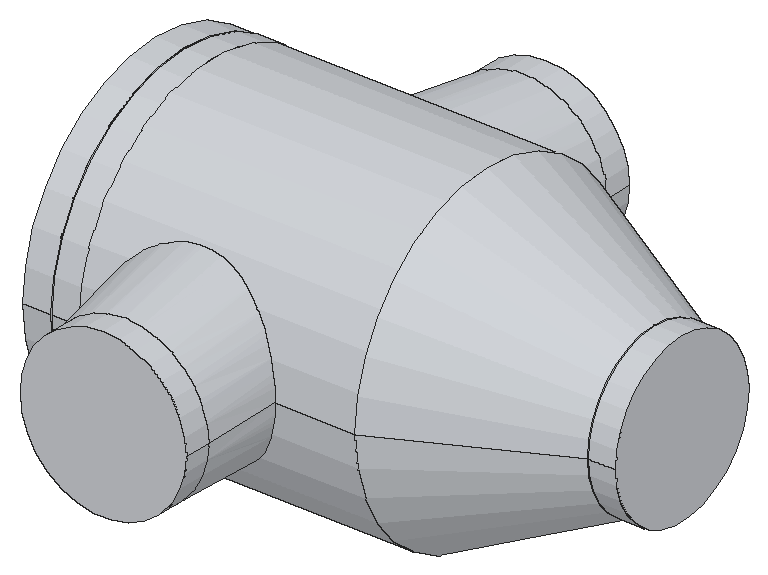
Revit family "M_Cruzamento de baixa perda da transição redonda - 180 Graus - DTL", category Conexões de duto, Revit 2019
Family settings
  Cota do conector redondo = Usar raio
  Tipo de parte = Cruzeta
  Número OmniClass = 23.75.70.14
  Título OmniClass = Air Ductwork
  ID de item do Seek = Round Transition Low Loss Cross - 180 Degree - DTL-0000-CAN-ENU
  Com base no plano de trabalho = Não
  Sempre na vertical = Sim
  Corte com vazios quando carregada = Não
  Compartilhado = Não
Parameters (values of type "Padrão")
  Comprimento 2 [instance] = if(Torneira 2 Ângulo 1 < 90.00°, Torneira 2 Raio central da base / tan(Torneira 2 Ângulo 1), if(Torneira 2 Ângulo 1 = 90.00°, 0 mm, (Torneira 2 Diâmetro da base - (Torneira 2 Comprimento da inserção 2 * sin(180.00° - Torneira 2 Ângulo 1) + Torneira 2 Raio)) / tan(180.00° - Torneira 2 Ângulo 1)))  # 0 mm
  Comprimento 1 [instance] = if(Torneira 1 Ângulo 1 < 90.00°, Raio central da base da torneira 1 / tan(Torneira 1 Ângulo 1), if(Torneira 1 Ângulo 1 = 90.00°, 0 mm, (Diâmetro da base da torneira 1 - (Torneira 1 Comprimento da inserção 2 * sin(180.00° - Torneira 1 Ângulo 1) + Torneira 1 Raio)) / tan(180.00° - Torneira 1 Ângulo 1)))  # 0 mm
  Ângulo 2 [instance] = atan((Torneira 2 Diâmetro central da base - Torneira 2 Diâmetro da base 1) / (Torneira 2 Comprimento 1 - Torneira 2 Comprimento))  # 11.3099°
  Ângulo 1 [instance] = atan((Diâmetro central da base da torneira 1 - Diâmetro da base 1 da torneira 1) / (Torneira 1 Comprimento 1 - Torneira 1 Comprimento))  # 11.3099°
  Legenda do ponto de inserção [instance] = if(Torneira 1 Comprimento da inserção 1 > Torneira 2 Comprimento da inserção 1, (Torneira 1 Comprimento da inserção 1 - Torneira 2 Comprimento da inserção 1) / 2 + Torneira 2 Comprimento da inserção 1, (Torneira 2 Comprimento da inserção 1 - Torneira 1 Comprimento da inserção 1) / 2 + Torneira 1 Comprimento da inserção 1)  # 3353 mm
  Torneira 2 Comprimento da inserção 1 [instance] = Legenda da inserção da torneira 2 + Torneira 2 Comprimento da inserção 2 + Torneira 2 Comprimento 3 - 3048 mm + 3048 mm  # 3353 mm
  Torneira 1 Comprimento da inserção 1 [instance] = Legenda da inserção da torneira 1 + Torneira 1 Comprimento da inserção 2 + Torneira 1 Comprimento 3 - 3048 mm + 3048 mm  # 3353 mm
  Torneira 2 Comprimento [instance] = 150 mm
  Legenda da inserção da torneira 2 [instance] = 3048 mm + if(Torneira 2 Ângulo 1 < 90.00°, Inserção 1 da torneira 2, if(Torneira 2 Ângulo 1 = 90.00°, Inserção 2 da torneira 2, Inserção 3 da torneira 2))  # 3183 mm
  Legenda da inserção da torneira 1 [instance] = 3048 mm + if(Torneira 1 Ângulo 1 < 90.00°, Inserção 1 da torneira 1, if(Torneira 1 Ângulo 1 = 90.00°, Inserção 2 da torneira 1, Inserção 3 da torneira 1))  # 3183 mm
  Inserção 3 da torneira 2 [instance] = if(Torneira 2 Ângulo 1 > 90.00°, (Torneira 2 Diâmetro da base 1 - Torneira 2 Raio central da base) / sin(180.00° - Torneira 2 Ângulo 1) + Raio do corpo 1 / tan(180.00° - Torneira 2 Ângulo 1), 0 mm)  # 0 mm
  Inserção 2 da torneira 2 [instance] = if(Torneira 2 Ângulo 1 = 90.00°, Torneira 2 Diâmetro da base 1 - Torneira 2 Raio central da base, 0 mm)  # 135 mm
  Inserção 1 da torneira 2 [instance] = if(Torneira 2 Ângulo 1 < 90.00°, Torneira 2 Diâmetro central da base / 2 * sin(Torneira 2 Ângulo 1) + Torneira 2 Diâmetro central da base / 2 * cos(Torneira 2 Ângulo 1) / tan(Torneira 2 Ângulo 1 - Ângulo 2) - Raio do corpo 1 / tan(Torneira 2 Ângulo 1 - Ângulo 2), 0 mm)  # 0 mm
  Inserção 3 da torneira 1 [instance] = if(Torneira 1 Ângulo 1 > 90.00°, (Diâmetro da base 1 da torneira 1 - Raio central da base da torneira 1) / sin(180.00° - Torneira 1 Ângulo 1) + Raio do corpo 1 / tan(180.00° - Torneira 1 Ângulo 1), 0 mm)  # 0 mm
  Inserção 2 da torneira 1 [instance] = if(Torneira 1 Ângulo 1 = 90.00°, Diâmetro da base 1 da torneira 1 - Raio central da base da torneira 1, 0 mm)  # 135 mm
  Inserção da torneira 2 [instance] = 25 mm
  Torneira 2 Comprimento do colarinho [instance] = 50 mm
  Torneira 2 Comprimento da inserção 2 [instance] = if(Torneira 2 Ângulo 1 = 90.00°, Torneira 2 Raio central da base - Torneira 2 Raio, abs(Deslocamento de perfil horizontal da torneira 2) / sin(Torneira 2 Ângulo 1))  # 45 mm
  Deslocamento de perfil horizontal da torneira 2 [instance] = -(Torneira 2 Raio central da base - Torneira 2 Raio)  # -45 mm
  Deslocamento de perfil horizontal da torneira 1 [instance] = Raio central da base da torneira 1 - Torneira 1 Raio  # 45 mm
  Inserção 1 da torneira 1 [instance] = if(Torneira 1 Ângulo 1 < 90.00°, Diâmetro central da base da torneira 1 / 2 * sin(Torneira 1 Ângulo 1) + Diâmetro central da base da torneira 1 / 2 * cos(Torneira 1 Ângulo 1) / tan(Torneira 1 Ângulo 1 - Ângulo 1) - Raio do corpo 1 / tan(Torneira 1 Ângulo 1 - Ângulo 1), 0 mm)  # 0 mm
  Torneira 2 Raio [instance] = 150 mm
  Torneira 2 Deslocamento a partir do centro 1 [instance] = 3048 mm - Torneira 2 Deslocamento a partir do centro  # 3048 mm
  Torneira 2 Deslocamento a partir do centro [instance] = 0 mm
  Torneira 2 Comprimento 3 [instance] = Comprimento do corpo 1 + Inserção da torneira 2  # 125 mm
  Torneira 2 Comprimento 2 [instance] = Torneira 2 Comprimento 1 + Torneira 2 Comprimento do colarinho  # 500 mm
  Torneira 2 Comprimento 1 [instance] = Raio do corpo 1 / sin(Torneira 2 Ângulo 1) + Torneira 2 Comprimento + Comprimento 2  # 450 mm
  Torneira 1 Comprimento 3 [instance] = Comprimento do corpo 1 + Inserção da torneira 1  # 125 mm
  Inserção da torneira 1 [instance] = 25 mm
  Torneira 1 Comprimento 2 [instance] = Torneira 1 Comprimento 1 + Comprimento do colarinho da torneira 1  # 500 mm
  Diâmetro 3 da torneira 1 [instance] = if(Torneira 1 Ângulo 1 > 90.00°, 2 * (Diâmetro da base 1 da torneira 1 / 2 + (Diâmetro da base 1 da torneira 1 - Diâmetro da torneira 1) * Raio do corpo 1 / (2 * sin(180.00° - Torneira 1 Ângulo 1) * Torneira 1 Comprimento) + Diâmetro da base 1 da torneira 1 * (Diâmetro da base 1 da torneira 1 - Diâmetro da torneira 1) / (2 * tan(180.00° - Torneira 1 Ângulo 1) * Torneira 1 Comprimento)) / (1 + (Diâmetro da base 1 da torneira 1 - Diâmetro da torneira 1) / (2 * tan(180.00° - Torneira 1 Ângulo 1) * Torneira 1 Comprimento)), 0 mm)  # 0 mm
  Diâmetro 2 da torneira 1 [instance] = if(Torneira 1 Ângulo 1 < 90.00°, 2 * (Diâmetro da base 1 da torneira 1 / 2 + (Diâmetro da base 1 da torneira 1 - Diâmetro da torneira 1) * Raio do corpo 1 / (2 * sin(Torneira 1 Ângulo 1) * Torneira 1 Comprimento)) / (1 - (Diâmetro da base 1 da torneira 1 - Diâmetro da torneira 1) / (2 * tan(Torneira 1 Ângulo 1) * Torneira 1 Comprimento)), 0 mm)  # 0 mm
  Diâmetro 1 da torneira 1 [instance] = if(Torneira 1 Ângulo 1 = 90.00°, Raio do corpo 1 * tan(atan((Diâmetro da base 1 da torneira 1 - Diâmetro da torneira 1) / Torneira 1 Comprimento)) + Diâmetro da base 1 da torneira 1, 0 mm)  # 390 mm
  Torneira 2 Diâmetro [instance] = Torneira 2 Raio * 2  # 300 mm
  Torneira 2 Diâmetro 3 [instance] = if(Torneira 2 Ângulo 1 > 90.00°, 2 * (Torneira 2 Diâmetro da base 1 / 2 + (Torneira 2 Diâmetro da base 1 - Torneira 2 Diâmetro) * Raio do corpo 1 / (2 * sin(180.00° - Torneira 2 Ângulo 1) * Torneira 2 Comprimento) + Torneira 2 Diâmetro da base 1 * (Torneira 2 Diâmetro da base 1 - Torneira 2 Diâmetro) / (2 * tan(180.00° - Torneira 2 Ângulo 1) * Torneira 2 Comprimento)) / (1 + (Torneira 2 Diâmetro da base 1 - Torneira 2 Diâmetro) / (2 * tan(180.00° - Torneira 2 Ângulo 1) * Torneira 2 Comprimento)), 0 mm)  # 0 mm
  Torneira 2 Diâmetro 2 [instance] = if(Torneira 2 Ângulo 1 < 90.00°, 2 * (Torneira 2 Diâmetro da base 1 / 2 + (Torneira 2 Diâmetro da base 1 - Torneira 2 Diâmetro) * Raio do corpo 1 / (2 * sin(Torneira 2 Ângulo 1) * Torneira 2 Comprimento)) / (1 - (Torneira 2 Diâmetro da base 1 - Torneira 2 Diâmetro) / (2 * tan(Torneira 2 Ângulo 1) * Torneira 2 Comprimento)), 0 mm)  # 0 mm
  Torneira 2 Diâmetro 1 [instance] = if(Torneira 2 Ângulo 1 = 90.00°, Raio do corpo 1 * tan(atan((Torneira 2 Diâmetro da base 1 - Torneira 2 Diâmetro) / Torneira 2 Comprimento)) + Torneira 2 Diâmetro da base 1, 0 mm)  # 390 mm
  Comprimento da linha grossa da torneira 2 [instance] = if(Torneira 2 Ângulo 1 = 90.00°, Torneira 2 Comprimento 2, Torneira 2 Comprimento 2 - abs(Deslocamento de perfil horizontal da torneira 2) / tan(Torneira 2 Ângulo 1))  # 500 mm
  Raio do corpo 1 [instance] = if(Entrada do raio > Saída do raio, if(not(Raio do corpo < Entrada do raio), Raio do corpo, Entrada do raio), if(not(Raio do corpo < Saída do raio), Raio do corpo, Saída do raio))  # 300 mm
  Torneira 1 Raio [instance] = 150 mm
  Saída do raio [instance] = 150 mm
  Entrada do raio [instance] = 300 mm
  Torneira 1 Deslocamento a partir do centro 2 [instance] = if(Torneira 1 Deslocamento a partir do centro = 0 mm, 1 mm, 1 mm)  # 1 mm
  Torneira 1 Deslocamento a partir do centro 1 [instance] = 3048 mm - Torneira 1 Deslocamento a partir do centro  # 3048 mm
  Torneira 1 Deslocamento a partir do centro [instance] = 0 mm
  Comprimento do corpo 2 [instance] = Saída do colarinho + Saída do comprimento 1  # 350 mm
  Saída do comprimento 1 [instance] = if(Saída do comprimento = 0 mm, 2 mm, Saída do comprimento)  # 300 mm
  Comprimento do corpo 1 [instance] = Entrada do colarinho + Entrada do comprimento 1  # 100 mm
  Entrada do comprimento 1 [instance] = if(Entrada do comprimento = 0 mm, 2 mm, Entrada do comprimento)  # 50 mm
  Saída do colarinho [instance] = 50 mm
  Saída do comprimento [instance] = 300 mm
  Entrada do colarinho [instance] = 50 mm
  Entrada do comprimento [instance] = 50 mm
  Torneira 1 Comprimento 1 [instance] = Raio do corpo 1 / sin(Torneira 1 Ângulo 1) + Torneira 1 Comprimento + Comprimento 1  # 450 mm
  Torneira 1 Comprimento [instance] = 150 mm
  Comprimento do corpo [instance] = 500 mm
  Diâmetro da torneira 1 [instance] = Torneira 1 Raio * 2  # 300 mm
  Saída do diâmetro [instance] = Saída do raio * 2  # 300 mm
  Entrada do diâmetro [instance] = Entrada do raio * 2  # 600 mm
  Torneira 1 Comprimento da inserção 2 [instance] = if(Torneira 1 Ângulo 1 = 90.00°, Raio central da base da torneira 1 - Torneira 1 Raio, Deslocamento de perfil horizontal da torneira 1 / sin(Torneira 1 Ângulo 1))  # 45 mm
  Comprimento da linha grossa da torneira 1 [instance] = if(Torneira 1 Ângulo 1 = 90.00°, Torneira 1 Comprimento 2, Torneira 1 Comprimento 2 - Deslocamento de perfil horizontal da torneira 1 / tan(Torneira 1 Ângulo 1))  # 500 mm
  Comprimento do colarinho da torneira 1 [instance] = 50 mm
  Torneira 2 Raio da base 1 [instance] = if(Torneira 2 Raio da base > Torneira 2 Raio, Torneira 2 Raio da base, Torneira 2 Raio + 25 mm)  # 165 mm
  Raio da base 1 da torneira 1 [instance] = if(Raio da base da torneira 1 > Torneira 1 Raio, Raio da base da torneira 1, Torneira 1 Raio + 25 mm)  # 165 mm
  Raio do corpo [instance] = 300 mm
  Diâmetro do corpo [instance] = Raio do corpo * 2  # 600 mm
  Torneira 2 Raio da base [instance] = 165 mm
  Raio da base da torneira 1 [instance] = 165 mm
  Torneira 2 Diâmetro da base 1 [instance] = Torneira 2 Raio da base 1 * 2  # 330 mm
  Diâmetro da base 1 da torneira 1 [instance] = Raio da base 1 da torneira 1 * 2  # 330 mm
  Torneira 2 Diâmetro da base [instance] = Torneira 2 Raio da base * 2  # 330 mm
  Diâmetro da base da torneira 1 [instance] = Raio da base da torneira 1 * 2  # 330 mm
  Torneira 2 Raio central da base [instance] = Torneira 2 Diâmetro central da base / 2  # 195 mm
  Raio central da base da torneira 1 [instance] = Diâmetro central da base da torneira 1 / 2  # 195 mm
  Torneira 2 Diâmetro central da base [instance] = if(Torneira 2 Ângulo 1 < 90.00°, Torneira 2 Diâmetro 2, if(Torneira 2 Ângulo 1 = 90.00°, Torneira 2 Diâmetro 1, abs(Torneira 2 Diâmetro 3)))  # 390 mm
  Diâmetro central da base da torneira 1 [instance] = if(Torneira 1 Ângulo 1 < 90.00°, abs(Diâmetro 2 da torneira 1), if(Torneira 1 Ângulo 1 = 90.00°, abs(Diâmetro 1 da torneira 1), abs(Diâmetro 3 da torneira 1)))  # 390 mm
  Torneira 2 Ângulo 1 [instance] = 90.00°
  Torneira 1 Ângulo 1 [instance] = 90.00°
Reference planes
  plane 1 "Centro (Frente/Trás)": y = 0
  plane 2: z = 0
  plane 3 "Centro (Esquerda/Direita)": x = 0
  plane 4: x = -205
  plane 5: x = 295
  plane 6: x = -255
  plane 7: x = -305
  plane 8: x = 595
  plane 9: x = 645
  plane 10: z = -3048
  plane 11: z = 0
  plane 12: z = -1
  plane 13: x = -45
  plane 14: x = -180
  plane 15: x = -3228
  plane 16: z = 0
  plane 17: z = 1
  plane 18: x = -45
  plane 19: x = -180
  plane 20: x = -3228
  plane 21 "Linha grossa 1": x = 0
  plane 22 "Linha grossa 2": x = 0
  plane 23: x = -3353
  plane 24: x = -254.008
  plane 25: x = 594.008
Forms (mm)
  Sweep 1, solid, detail levels medium+fine
    path in 3D
      loop
        line (-305, 0, 0) -> (-254.008, 0, 0)
    profile origin (-279.504, 0, 0) x (0, 1, 0) y (0, 0, 1)
      loop
        circle (0, 0) r 300
  Sweep 2, solid, detail levels medium+fine
    path in 3D
      loop
        line (-205, 0, 0) -> (295, 0, 0)
    profile origin (45, 0, 0) x (0, 1, 0) y (0, 0, 1)
      loop
        circle (0, 0) r 300
  Sweep 3, solid, detail levels medium+fine
    path in 3D
      loop
        line (594.008, 0, 0) -> (645, 0, 0)
    profile origin (619.504, 0, 0) x (0, 1, 0) y (0, 0, 1)
      loop
        circle (0, 0) r 150
  SweptBlend 4, solid, detail levels medium+fine
    path in 3D
      loop
        line (-45, 0, 0) -> (-45, -450, 0)
    profile "M_Duto - Redondo : Duto - Raio do centro da base 3" origin (-45, 0, 0) x (1, 0, 0) y (0, 0, 1)
      loop
        circle (0, 0) r 195
    end profile "M_Duto - Redondo : Duto - Redondo 3" origin (-45, -450, 0) x (1, 0, 0) y (0, 0, 1)
      loop
        circle (45, 0) r 150
  Sweep 5, solid, detail levels medium+fine
    path in 3D
      loop
        line (-45, 0, 0) -> (-45, -500, 0)
    profile "M_Duto - Redondo : Duto - Redondo 3" origin (-45, -250, 0) x (1, 0, 0) y (0, 0, 1)
      loop
        circle (45, 0) r 150
  SweptBlend 6, solid, detail levels medium+fine
    path in 3D
      loop
        line (-45, 0, 0) -> (-45, 450, 0)
    profile "M_Duto - Redondo : Duto - Raio do centro da base 4" origin (-45, 0, 0) x (-1, 0, 0) y (0, 0, 1)
      loop
        circle (0, 0) r 195
    end profile "M_Duto - Redondo : Duto - Redondo 4" origin (-45, 450, 0) x (-1, 0, 0) y (0, 0, 1)
      loop
        circle (-45, 0) r 150
  Sweep 7, solid, detail levels medium+fine
    path in 3D
      loop
        line (-45, 0, 0) -> (-45, 500, 0)
    profile "M_Duto - Redondo : Duto - Redondo 4" origin (-45, 250, 0) x (-1, 0, 0) y (0, 0, 1)
      loop
        circle (-45, 0) r 150
  Blend 8, solid, detail levels medium+fine
    base sketch origin (0, 0, 0) x (0, 1, 0) y (0, 0, 1)
      loop
        circle (0, 0) r 300
    top sketch origin (0, 0, 0) x (0, 1, 0) y (0, 0, 1)
      loop
        circle (0, 0) r 300
    from -255 to -205
  Blend 9, solid, detail levels medium+fine
    base sketch origin (0, 0, 0) x (0, 1, 0) y (0, 0, 1)
      loop
        circle (0, 0) r 150
    top sketch origin (0, 0, 0) x (0, 1, 0) y (0, 0, 1)
      loop
        circle (0, 0) r 300
    from 595 to 295
Cuts and joins
  joined: Sweep 2, SweptBlend 4, Sweep 5, SweptBlend 6, Sweep 7, Blend 8, Blend 9
Lines and regions (mm)
  reference lines
    curve 1: line (-305, 0, 0) -> (-254.008, 0, 0)
    curve 2: line (594.008, 0, 0) -> (645, 0, 0)
    curve 3: line (-205, 0, 0) -> (295, 0, 0)
    curve 7: line (-45, 0, 0) -> (-45, -450, 0)
    curve 9: line (-45, 0, 0) -> (-45, -500, 0)
    curve 12: line (-45, 0, 0) -> (-45, 450, 0)
    curve 15: line (-45, 0, 0) -> (-45, 500, 0)
  sketch lines
    curve 4: line (-305, 0, 0) -> (-254.008, 0, 0)
    curve 5: line (-205, 0, 0) -> (295, 0, 0)
    curve 6: line (594.008, 0, 0) -> (645, 0, 0)
    curve 8: line (-45, 0, 0) -> (-45, -450, 0)
    curve 10: line (-45, 0, 0) -> (-45, -500, 0)
    curve 13: line (-45, 0, 0) -> (-45, 450, 0)
    curve 16: line (-45, 0, 0) -> (-45, 500, 0)
  model lines, detail levels coarse
    curve 11: line (-305, 0, 0) -> (645, 0, 0)
    curve 14: line (0, 0, 0) -> (0, 500, 0)
    curve 17: line (0, 0, 0) -> (0, -500, 0)
    curve 18: line (0, 0, 0) -> (0, 0, -1)
    curve 19: line (0, 0, 1) -> (0, 0, 0)
Dimensions and locks
  "Comprimento do corpo": plane 4 to plane 5
  "Entrada do comprimento 1": plane 6 to plane 4
  "Comprimento do corpo 1": plane 7 to plane 4
  "Saída do comprimento 1": plane 5 to plane 8
  "Comprimento do corpo 2": plane 5 to plane 9
  locked: plane 2 to plane 10 at 3048
  "Torneira 1 Deslocamento a partir do centro 1": plane 11 to plane 10
  "Torneira 1 Deslocamento a partir do centro 2": plane 11 to plane 12
  "Torneira 1 Comprimento 1": curve 7 to curve 7
  "Torneira 1 Comprimento 3": plane 7 to plane 14
  locked: plane 15 to plane 14 at 3048
  "Legenda da inserção da torneira 1": plane 15 to plane 13
  "Torneira 1 Comprimento 2": curve 9 to curve 9
  "Torneira 1 Deslocamento a partir do centro 2": plane 17 to plane 16
  "Torneira 2 Deslocamento a partir do centro 1": plane 16 to plane 10
  "Torneira 2 Comprimento 1": curve 12 to curve 12
  "Torneira 2 Comprimento 3": plane 7 to plane 19
  locked: plane 20 to plane 19 at 3048
  "Legenda da inserção da torneira 2": plane 20 to plane 18
  "Torneira 1 Comprimento da inserção 2": plane 13 to plane 21 "Linha grossa 1"
  "Torneira 2 Comprimento da inserção 2": plane 18 to plane 22 "Linha grossa 2"
  "Comprimento da linha grossa da torneira 2": curve 14 to curve 14
  "Torneira 2 Comprimento 2": curve 15 to curve 15
  locked: plane 23 to plane 7 at 3048
  "Legenda do ponto de inserção": plane 23 to plane 3 "Centro (Esquerda/Direita)"
  "Comprimento da linha grossa da torneira 1": curve 17 to curve 17
  locked: plane 6 to plane 24 at 0.992
  locked: plane 25 to plane 8 at 0.992
  "Entrada do raio": radius of Sweep 1 sketch curve
  "Raio do corpo 1": radius of Sweep 2 sketch curve
  "Saída do raio": radius of Sweep 3 sketch curve
  "Entrada do raio": radius of Blend 8 sketch curve
  "Raio do corpo 1": radius of Blend 8 sketch curve
  "Saída do raio": radius of Blend 9 sketch curve
  "Raio do corpo 1": radius of Blend 9 sketch curve
  "Torneira 1 Ângulo 1": angle curve 7 to plane 1 "Centro (Frente/Trás)"
  "Torneira 1 Ângulo 1": angle curve 9 to plane 1 "Centro (Frente/Trás)"
  "Torneira 2 Ângulo 1": angle plane 1 "Centro (Frente/Trás)" to curve 12
  "Torneira 2 Ângulo 1": angle plane 1 "Centro (Frente/Trás)" to curve 14
  "Torneira 2 Ângulo 1": angle plane 1 "Centro (Frente/Trás)" to curve 15
  "Torneira 1 Ângulo 1": angle curve 17 to plane 1 "Centro (Frente/Trás)"
  aligned and locked: plane 7 to curve 1
  aligned and locked: plane 1 "Centro (Frente/Trás)" to curve 1
  aligned and locked: plane 9 to curve 2
  aligned and locked: plane 1 "Centro (Frente/Trás)" to curve 2
  aligned and locked: plane 5 to curve 3
  aligned and locked: plane 1 "Centro (Frente/Trás)" to curve 3
  aligned and locked: plane 1 "Centro (Frente/Trás)" to curve 7
  aligned and locked: plane 13 to curve 9
  aligned and locked: plane 9 to curve 11
  aligned and locked: plane 7 to curve 11
  aligned and locked: plane 1 "Centro (Frente/Trás)" to curve 11
  aligned and locked: plane 1 "Centro (Frente/Trás)" to curve 12
  aligned and locked: plane 18 to curve 12
  aligned and locked: plane 22 "Linha grossa 2" to curve 14
  aligned and locked: plane 1 "Centro (Frente/Trás)" to curve 14
  aligned and locked: plane 21 "Linha grossa 1" to curve 17
  aligned and locked: plane 1 "Centro (Frente/Trás)" to curve 17
  aligned and locked: plane 12 to curve 18
  aligned and locked: plane 2 to curve 18
  aligned and locked: curve 18 to plane 1 "Centro (Frente/Trás)"
  aligned and locked: plane 2 to curve 19
  aligned and locked: plane 17 to curve 19
  aligned and locked: curve 19 to plane 1 "Centro (Frente/Trás)"
  aligned and locked: Blend 8 to plane 6
  aligned and locked: plane 4 to Blend 8
  aligned and locked: plane 8 to Blend 9
  aligned and locked: Blend 9 to plane 5
  aligned and locked: plane 24 to curve 1
  aligned and locked: plane 25 to curve 2
Automatic sketch dimensions
  Sweep 1 sketch curve to profile plane = 0 mm  (x2)
  Sweep 2 sketch curve to profile plane = 0 mm  (x2)
  Sweep 3 sketch curve to profile plane = 0 mm  (x2)
  Blend 8 sketch curve to level = 0 mm  (x2)
  Blend 8 sketch curve to plane 1 "Centro (Frente/Trás)" = 0 mm  (x2)
  Blend 9 sketch curve to level = 0 mm  (x2)
  Blend 9 sketch curve to plane 1 "Centro (Frente/Trás)" = 0 mm  (x2)
  curve 3 to plane 4 = 0 mm
Connectors
  hvac at (-305, 0, 0), driven by "Entrada do raio"
    settings: on Sweep 1, index 1, duct flow 0.0 L/s, flow factor 0, pres drop 0.0 Pa, loss coef 0, conn angle 0.00°, conn width 304.8 mm, conn height 304.8 mm, conn diameter 600 mm, duct sys type 28, conn prof type 0, flow config 0, flow direction 0, loss method 0, conn ref index 2, conn util no, is conn primary yes, conn desc ""
  hvac at (645, 0, 0), driven by "Saída do raio"
    settings: on Sweep 3, index 2, duct flow 0.0 L/s, flow factor 0, pres drop 0.0 Pa, loss coef 0, conn angle 0.00°, conn width 304.8 mm, conn height 304.8 mm, conn diameter 300 mm, duct sys type 28, conn prof type 0, flow config 0, flow direction 0, loss method 0, conn ref index 1, conn util no, is conn primary no, conn desc ""
  hvac at (0, -500, 0), driven by "Torneira 1 Raio", driven by "Torneira 1 Ângulo 1"
    settings: on cut or joined group of Sweep 2, SweptBlend 4, Sweep 5, SweptBlend 6, Sweep 7, Blend 8, Blend 9, index 3, duct flow 0.0 L/s, flow factor 0, pres drop 0.0 Pa, loss coef 0, conn angle 90.00°, conn width 304.8 mm, conn height 304.8 mm, conn diameter 300 mm, duct sys type 28, conn prof type 0, flow config 0, flow direction 0, loss method 0, conn ref index 4, conn util no, is conn primary no, conn desc ""
  hvac at (0, 500, 0), driven by "Torneira 2 Raio", driven by "Torneira 2 Ângulo 1"
    settings: on cut or joined group of Sweep 2, SweptBlend 4, Sweep 5, SweptBlend 6, Sweep 7, Blend 8, Blend 9, index 4, duct flow 0.0 L/s, flow factor 0, pres drop 0.0 Pa, loss coef 0, conn angle 90.00°, conn width 304.8 mm, conn height 304.8 mm, conn diameter 300 mm, duct sys type 28, conn prof type 0, flow config 0, flow direction 0, loss method 0, conn ref index 3, conn util no, is conn primary no, conn desc ""
